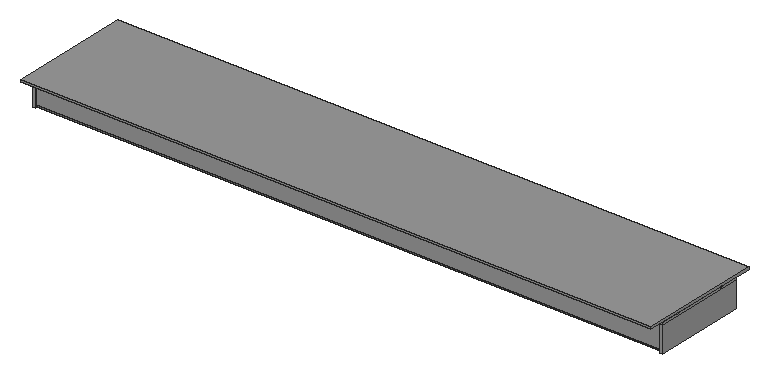
Revit family "Berica 2.2 M", category Lighting Fixtures, Revit 2020 (continued)
Definition of nested family "Light Source Berica 2.2"
  Types (4, lengths in mm): name | Photometric Web File | built-in parameter 1150142
      2.53 63.17 56.19 49.81 44.98 40.52 37.02 \r\n33.59 30.80 28.17 25.56 23.05 20.24 17.64 14.84 12.20 \r\n9.21 6.01 3.26 1.02 0.17 0.14 0.13 0.12 0.12 0.11 0.11 \r\n0.11 0.10 0.10 0.10 0.09 0.09 0.09 0.09 0.09 0.08 0.08 \r\n0.08 0.08 0.08 0.08 0.07 0.07 0.07 0.07 0.07 0.07 0.07 \r\n0.07 0.07 0.07 0.07 0.07 0.07 0.08 0.08 0.08 0.08 0.08 \r\n0.08 0.09 0.09 0.09 0.09 0.09 0.10 0.10 0.10 0.11 0.11 \r\n0.11 0.12 0.12 0.13 0.14 0.17 1.02 3.26 6.01 9.21 12.20 \r\n14.84 17.64 20.24 23.05 25.56 28.17 30.80 33.59 37.02 \r\n40.52 44.98 49.81 56.19 63.17 72.53 88.68 128.72 195.14 \r\n318.59 432.51 559.75 667.01 745.37 810.54 847.67 874.04 \r\n889.93 900.23 905.74 908.79 909.28 908.10 906.87 905.58 \r\n903.97 902.62 901.54 900.53 900.11 900.00 899.52 900.06 \r\n900.24 900.72 901.87 903.23 905.51 908.38 912.39 918.44 \r\n923.05 926.12 927.93 930.18 931.29 932.74 933.48 \r\n933.48 932.64 931.57 930.04 928.57 927.06 924.07 920.00 \r\n914.59 908.47 905.18 902.29 900.46 899.12 897.58 896.32 \r\n895.10 894.53 893.69 893.64 893.32 893.06 893.45 894.19 \r\n895.10 895.40 895.63 895.44 894.91 892.42 887.68 879.29 \r\n867.52 846.11 818.27 777.23 714.81 629.83 522.41 411.33 \r\n289.93 186.39 121.51 85.85 70.22 61.53 54.50 48.78 43.88 \r\n39.79 36.03 32.89 29.87 27.41 24.67 21.95 19.24 16.56 \r\n13.70 10.86 8.09 4.61 2.22 0.26 0.17 0.15 0.14 0.14 0.13 \r\n0.13 0.13 0.12 0.12 0.12 0.11 0.11 0.11 0.11 0.10 0.10 \r\n0.10 0.10 0.10 0.10 0.09 0.09 0.09 0.09 0.09 0.09 0.09 \r\n0.09 0.09 0.09 0.09 0.09 0.09 0.10 0.10 0.10 0.10 0.10 \r\n0.10 0.11 0.11 0.11 0.11 0.12 0.12 0.12 0.13 0.13 0.13 \r\n0.14 0.14 0.15 0.17 0.26 2.22 4.61 8.09 10.86 13.70 16.56 \r\n19.24 21.95 24.67 27.41 29.87 32.89 36.03 39.79 43.88 \r\n48.78 54.50 61.53 70.22 85.85 121.51 186.39 289.93 411.33 \r\n522.41 629.83 714.81 777.23 818.27 846.11 867.52 879.29 \r\n887.68 892.42 894.91 895.44 895.63 895.40 895.10 894.19 \r\n893.45 893.06 893.32 893.64 893.69 894.53 895.10 896.32 \r\n897.58 899.12 900.46 902.29 905.18 908.47 914.59 920.00 \r\n924.07 927.06 928.57 930.04 931.57 932.64 933.48 \r\n933.48 932.48 931.40 930.02 928.65 926.62 924.27 921.14 \r\n915.76 910.17 905.04 901.49 899.15 897.13 895.25 893.36 \r\n891.11 888.89 887.36 885.90 884.51 883.66 882.86 882.28 \r\n881.69 881.06 880.57 879.91 879.13 877.78 875.13 870.72 \r\n864.48 854.52 840.19 821.36 792.00 751.73 697.70 623.14 \r\n534.46 417.69 315.73 211.96 137.02 93.77 72.96 63.06 \r\n55.39 49.26 44.28 39.90 36.20 32.86 29.71 26.97 24.24 \r\n21.56 18.89 16.01 13.16 10.33 7.38 3.98 1.63 0.25 0.21 \r\n0.19 0.18 0.18 0.17 0.17 0.16 0.16 0.15 0.15 0.15 0.14 \r\n0.14 0.14 0.13 0.13 0.13 0.12 0.12 0.12 0.12 0.12 0.12 \r\n0.12 0.12 0.12 0.12 0.12 0.12 0.12 0.12 0.12 0.13 0.13 \r\n0.13 0.14 0.14 0.14 0.15 0.15 0.15 0.16 0.16 0.17 0.17 \r\n0.18 0.18 0.19 0.21 0.25 1.63 3.98 7.38 10.33 13.16 16.01 \r\n18.89 21.56 24.24 26.97 29.71 32.86 36.20 39.90 44.28 \r\n49.26 55.39 63.06 72.96 93.77 137.02 211.96 315.73 417.69 \r\n534.46 623.14 697.70 751.73 792.00 821.36 840.19 854.52 \r\n864.48 870.72 875.13 877.78 879.13 879.91 880.57 881.06 \r\n881.69 882.28 882.86 883.66 884.51 885.90 887.36 888.89 \r\n891.11 893.36 895.25 897.13 899.15 901.49 905.04 910.17 \r\n915.76 921.14 924.27 926.62 928.65 930.02 931.40 932.48 \r\n933.48 \r\n933.48 932.76 931.97 930.63 929.04 927.53 925.42 922.02 \r\n918.22 913.14 906.72 902.00 898.80 895.99 893.45 890.79 \r\n887.72 885.02 882.29 879.31 877.37 875.82 873.94 871.54 \r\n869.66 867.34 865.10 863.21 861.35 859.49 857.49 854.29 \r\n850.26 844.58 837.20 827.52 813.92 796.51 772.88 740.11 \r\n698.40 639.46 570.04 474.86 375.29 277.48 184.65 122.60 \r\n84.83 68.38 59.30 51.94 45.98 41.36 37.09 33.64 30.48 \r\n27.39 24.76 21.76 18.98 16.12 13.26 10.46 7.45 4.20 1.80 \r\n0.64 0.57 0.53 0.49 0.45 0.42 0.38 0.35 0.32 0.28 0.25 \r\n0.23 0.20 0.18 0.17 0.16 0.15 0.15 0.15 0.15 0.15 0.14 \r\n0.14 0.14 0.14 0.14 0.15 0.15 0.15 0.15 0.15 0.16 0.17 \r\n0.18 0.20 0.23 0.25 0.28 0.32 0.35 0.38 0.42 0.45 0.49 \r\n0.53 0.57 0.64 1.80 4.20 7.45 10.46 13.26 16.12 18.98 \r\n21.76 24.76 27.39 30.48 33.64 37.09 41.36 45.98 51.94 \r\n59.30 68.38 84.83 122.60 184.65 277.48 375.29 474.86 \r\n570.04 639.46 698.40 740.11 772.88 796.51 813.92 827.52 \r\n837.20 844.58 850.26 854.29 857.49 859.49 861.35 863.21 \r\n865.10 867.34 869.66 871.54 873.94 875.82 877.37 879.31 \r\n882.29 885.02 887.72 890.79 893.45 895.99 898.80 902.00 \r\n906.72 913.14 918.22 922.02 925.42 927.53 929.04 930.63 \r\n931.97 932.76 933.48 \r\n933.48 932.83 931.72 931.25 929.46 927.65 925.28 922.43 \r\n918.63 914.55 909.56 904.16 898.48 894.72 891.37 887.94 \r\n884.67 881.07 877.57 874.43 871.41 867.85 865.38 862.17 \r\n858.20 854.64 851.46 848.15 844.39 840.99 837.46 833.75 \r\n829.28 824.35 818.65 813.00 804.64 794.83 783.75 769.06 \r\n750.61 726.29 692.25 654.40 603.86 538.31 463.33 379.14 \r\n291.69 203.90 137.99 90.99 70.83 58.25 50.84 44.77 39.99 \r\n35.84 32.29 28.99 25.72 22.92 20.00 17.28 14.11 11.44 \r\n8.72 5.69 2.93 1.49 1.33 1.23 1.14 1.05 0.97 0.87 0.78 \r\n0.68 0.60 0.51 0.43 0.36 0.30 0.24 0.20 0.19 0.18 0.18 \r\n0.18 0.18 0.18 0.18 0.18 0.18 0.18 0.19 0.20 0.24 0.30 \r\n0.36 0.43 0.51 0.60 0.68 0.78 0.87 0.97 1.05 1.14 1.23 \r\n1.33 1.49 2.93 5.69 8.72 11.44 14.11 17.28 20.00 22.92 \r\n25.72 28.99 32.29 35.84 39.99 44.77 50.84 58.25 70.83 \r\n90.99 137.99 203.90 291.69 379.14 463.33 538.31 603.86 \r\n654.40 692.25 726.29 750.61 769.06 783.75 794.83 804.64 \r\n813.00 818.65 824.35 829.28 833.75 837.46 840.99 844.39 \r\n848.15 851.46 854.64 858.20 862.17 865.38 867.85 871.41 \r\n874.43 877.57 881.07 884.67 887.94 891.37 894.72 898.48 \r\n904.16 909.56 914.55 918.63 922.43 925.28 927.65 929.46 \r\n931.25 931.72 932.83 933.48 \r\n933.48 932.99 932.47 931.74 930.31 928.06 925.82 923.10 \r\n920.31 916.55 912.77 908.52 902.81 896.55 891.40 886.38 \r\n882.82 878.48 874.82 870.84 866.20 862.05 857.82 853.16 \r\n848.67 844.28 839.88 835.67 829.90 824.80 819.16 813.50 \r\n807.45 801.76 794.83 789.37 782.05 774.19 765.94 755.94 \r\n745.57 732.53 718.09 699.49 677.66 649.28 619.63 575.37 \r\n533.94 476.35 408.99 335.99 258.78 187.19 119.59 83.32 \r\n63.75 53.57 45.51 40.71 35.78 32.12 28.34 25.23 22.48 \r\n19.48 16.64 13.76 10.75 8.07 5.16 3.06 2.62 2.41 2.22 \r\n2.04 1.84 1.64 1.46 1.26 1.07 0.90 0.71 0.56 0.42 0.31 \r\n0.24 0.22 0.22 0.22 0.22 0.22 0.22 0.22 0.24 0.31 0.42 \r\n0.56 0.71 0.90 1.07 1.26 1.46 1.64 1.84 2.04 2.22 2.41 \r\n2.62 3.06 5.16 8.07 10.75 13.76 16.64 19.48 22.48 25.23 \r\n28.34 32.12 35.78 40.71 45.51 53.57 63.75 83.32 119.59 \r\n187.19 258.78 335.99 408.99 476.35 533.94 575.37 619.63 \r\n649.28 677.66 699.49 718.09 732.53 745.57 755.94 765.94 \r\n774.19 782.05 789.37 794.83 801.76 807.45 813.50 819.16 \r\n824.80 829.90 835.67 839.88 844.28 848.67 853.16 857.82 \r\n862.05 866.20 870.84 874.82 878.48 882.82 886.38 891.40 \r\n896.55 902.81 908.52 912.77 916.55 920.31 923.10 925.82 \r\n928.06 930.31 931.74 932.47 932.99 933.48 \r\n933.48 933.02 932.38 931.45 930.11 927.45 925.74 922.60 \r\n919.96 917.10 913.59 910.17 905.27 900.06 893.68 887.30 \r\n881.59 876.79 872.35 868.01 863.11 858.15 852.76 846.62 \r\n841.35 836.00 830.07 824.29 817.68 811.13 804.63 796.91 \r\n789.06 780.47 772.07 764.10 755.44 746.39 738.04 728.69 \r\n719.47 709.41 697.26 685.03 672.75 656.02 639.67 619.79 \r\n597.34 571.76 541.48 509.53 469.80 424.45 375.41 318.12 \r\n258.83 199.77 137.47 92.31 66.56 52.38 44.47 39.20 34.65 \r\n30.93 27.28 24.09 21.13 18.03 14.93 12.04 9.32 6.68 5.19 \r\n4.75 4.32 3.89 3.47 3.06 2.63 2.21 1.83 1.44 1.09 0.74 \r\n0.47 0.33 0.27 0.27 0.27 0.27 0.27 0.33 0.47 0.74 1.09 \r\n1.44 1.83 2.21 2.63 3.06 3.47 3.89 4.32 4.75 5.19 6.68 \r\n9.32 12.04 14.93 18.03 21.13 24.09 27.28 30.93 34.65 \r\n39.20 44.47 52.38 66.56 92.31 137.47 199.77 258.83 318.12 \r\n375.41 424.45 469.80 509.53 541.48 571.76 597.34 619.79 \r\n639.67 656.02 672.75 685.03 697.26 709.41 719.47 728.69 \r\n738.04 746.39 755.44 764.10 772.07 780.47 789.06 796.91 \r\n804.63 811.13 817.68 824.29 830.07 836.00 841.35 846.62 \r\n852.76 858.15 863.11 868.01 872.35 876.79 881.59 887.30 \r\n893.68 900.06 905.27 910.17 913.59 917.10 919.96 922.60 \r\n925.74 927.45 930.11 931.45 932.38 933.02 933.48 \r\n933.48 933.03 932.96 931.96 930.70 928.42 925.87 923.44 \r\n920.34 918.05 914.75 911.88 908.21 903.34 897.55 892.24 \r\n886.51 880.56 875.39 868.90 862.56 856.80 849.74 844.13 \r\n837.77 831.07 823.97 816.66 808.32 799.67 791.34 782.70 \r\n772.96 763.07 754.09 744.40 734.03 724.57 714.19 703.53 \r\n692.58 681.19 669.26 656.19 643.20 629.96 615.31 600.37 \r\n584.45 566.29 548.00 527.25 504.97 481.05 455.58 429.35 \r\n399.18 366.43 333.65 294.77 256.40 216.02 170.81 130.81 \r\n94.02 72.06 58.14 49.95 44.07 39.01 34.04 29.93 25.72 \r\n21.75 18.14 14.78 11.96 10.16 8.90 7.68 6.56 5.44 4.51 \r\n3.51 2.63 1.81 1.11 0.62 0.39 0.32 0.32 0.32 0.39 0.62 \r\n1.11 1.81 2.63 3.51 4.51 5.44 6.56 7.68 8.90 10.16 11.96 \r\n14.78 18.14 21.75 25.72 29.93 34.04 39.01 44.07 49.95 \r\n58.14 72.06 94.02 130.81 170.81 216.02 256.40 294.77 \r\n333.65 366.43 399.18 429.35 455.58 481.05 504.97 527.25 \r\n548.00 566.29 584.45 600.37 615.31 629.96 643.20 656.19 \r\n669.26 681.19 692.58 703.53 714.19 724.57 734.03 744.40 \r\n754.09 763.07 772.96 782.70 791.34 799.67 808.32 816.66 \r\n823.97 831.07 837.77 844.13 849.74 856.80 862.56 868.90 \r\n875.39 880.56 886.51 892.24 897.55 903.34 908.21 911.88 \r\n914.75 918.05 920.34 923.44 925.87 928.42 930.70 931.96 \r\n932.96 933.03 933.48 \r\n933.48 933.23 932.58 931.92 930.39 928.71 926.17 923.64 \r\n920.88 918.13 915.01 912.42 908.97 904.58 899.64 894.94 \r\n890.43 885.11 879.85 874.59 868.22 860.47 853.46 844.86 \r\n837.73 828.90 821.17 812.35 802.82 792.68 783.31 773.01 \r\n762.38 752.35 740.35 729.73 716.88 706.78 695.52 683.65 \r\n671.02 659.06 646.45 633.23 619.36 604.52 590.47 573.44 \r\n558.42 540.22 523.31 504.82 486.17 465.28 447.01 426.80 \r\n405.80 383.76 361.03 339.53 315.84 293.63 269.21 245.64 \r\n220.50 198.31 172.34 150.60 125.45 101.77 79.87 65.04 \r\n55.13 47.92 42.07 36.81 31.76 26.78 22.80 18.90 16.19 \r\n13.40 11.06 8.72 6.62 4.50 2.81 1.40 0.68 0.41 0.37 0.41 \r\n0.68 1.40 2.81 4.50 6.62 8.72 11.06 13.40 16.19 18.90 \r\n22.80 26.78 31.76 36.81 42.07 47.92 55.13 65.04 79.87 \r\n101.77 125.45 150.60 172.34 198.31 220.50 245.64 269.21 \r\n293.63 315.84 339.53 361.03 383.76 405.80 426.80 447.01 \r\n465.28 486.17 504.82 523.31 540.22 558.42 573.44 590.47 \r\n604.52 619.36 633.23 646.45 659.06 671.02 683.65 695.52 \r\n706.78 716.88 729.73 740.35 752.35 762.38 773.01 783.31 \r\n792.68 802.82 812.35 821.17 828.90 837.73 844.86 853.46 \r\n860.47 868.22 874.59 879.85 885.11 890.43 894.94 899.64 \r\n904.58 908.97 912.42 915.01 918.13 920.88 923.64 926.17 \r\n928.71 930.39 931.92 932.58 933.23 933.48 \r\n933.48 933.71 933.33 932.39 931.15 929.30 927.01 924.27 \r\n921.67 918.78 916.69 913.45 910.35 905.70 900.94 896.95 \r\n892.66 887.50 883.00 876.91 870.76 864.11 857.32 850.32 \r\n843.05 834.42 825.67 816.40 805.20 795.53 784.04 773.82 \r\n761.17 749.20 736.74 724.64 711.42 699.16 685.89 672.50 \r\n659.44 644.44 631.59 615.48 601.19 584.58 569.16 552.44 \r\n536.70 519.42 502.29 484.81 465.53 447.38 427.75 411.28 \r\n390.80 372.83 353.23 334.29 313.91 297.10 277.02 258.40 \r\n239.63 221.72 205.02 187.59 171.86 156.34 140.77 125.96 \r\n112.84 98.13 86.85 73.68 63.48 53.19 46.07 39.60 34.19 \r\n28.66 24.28 19.73 15.32 11.37 7.58 4.53 2.18 0.92 0.59 \r\n0.92 2.18 4.53 7.58 11.37 15.32 19.73 24.28 28.66 34.19 \r\n39.60 46.07 53.19 63.48 73.68 86.85 98.13 112.84 125.96 \r\n140.77 156.34 171.86 187.59 205.02 221.72 239.63 258.40 \r\n277.02 297.10 313.91 334.29 353.23 372.83 390.80 411.28 \r\n427.75 447.38 465.53 484.81 502.29 519.42 536.70 552.44 \r\n569.16 584.58 601.19 615.48 631.59 644.44 659.44 672.50 \r\n685.89 699.16 711.42 724.64 736.74 749.20 761.17 773.82 \r\n784.04 795.53 805.20 816.40 825.67 834.42 843.05 850.32 \r\n857.32 864.11 870.76 876.91 883.00 887.50 892.66 896.95 \r\n900.94 905.70 910.35 913.45 916.69 918.78 921.67 924.27 \r\n927.01 929.30 931.15 932.39 933.33 933.71 933.48 \r\n933.48 933.41 933.25 932.61 931.63 929.39 927.45 924.74 \r\n922.05 919.53 916.91 914.69 910.47 906.88 901.86 898.03 \r\n893.75 888.68 883.73 878.31 871.47 864.46 857.69 850.73 \r\n843.57 835.20 826.10 817.01 806.80 796.43 787.71 776.42 \r\n766.30 754.06 742.47 729.96 717.35 704.31 691.56 677.63 \r\n662.51 648.44 631.73 617.28 599.94 584.33 566.80 549.28 \r\n530.59 514.45 493.32 476.34 456.13 437.29 420.19 399.36 \r\n381.94 362.79 344.65 326.20 310.11 290.91 274.93 258.43 \r\n242.24 226.74 211.35 197.39 182.87 169.91 156.56 144.24 \r\n131.59 120.84 108.15 98.24 87.29 77.98 68.39 60.39 52.74 \r\n45.56 38.39 31.96 25.79 19.60 14.06 8.84 4.93 1.96 1.12 \r\n1.96 4.93 8.84 14.06 19.60 25.79 31.96 38.39 45.56 52.74 \r\n60.39 68.39 77.98 87.29 98.24 108.15 120.84 131.59 144.24 \r\n156.56 169.91 182.87 197.39 211.35 226.74 242.24 258.43 \r\n274.93 290.91 310.11 326.20 344.65 362.79 381.94 399.36 \r\n420.19 437.29 456.13 476.34 493.32 514.45 530.59 549.28 \r\n566.80 584.33 599.94 617.28 631.73 648.44 662.51 677.63 \r\n691.56 704.31 717.35 729.96 742.47 754.06 766.30 776.42 \r\n787.71 796.43 806.80 817.01 826.10 835.20 843.57 850.73 \r\n857.69 864.46 871.47 878.31 883.73 888.68 893.75 898.03 \r\n901.86 906.88 910.47 914.69 916.91 919.53 922.05 924.74 \r\n927.45 929.39 931.63 932.61 933.25 933.41 933.48 \r\n933.48 933.55 933.81 933.17 932.20 930.48 928.17 925.45 \r\n923.11 921.02 918.60 915.47 912.42 908.38 904.02 899.59 \r\n895.82 891.03 885.89 880.22 873.23 866.13 859.12 853.04 \r\n844.82 837.13 827.98 819.02 809.56 799.84 790.27 779.49 \r\n768.61 757.40 747.06 734.44 721.98 708.44 694.83 680.47 \r\n666.73 650.99 636.76 620.38 604.33 586.64 570.11 552.79 \r\n534.95 517.52 499.28 480.86 460.95 442.49 423.45 406.70 \r\n387.16 369.15 351.53 333.96 316.11 299.11 282.12 266.57 \r\n249.35 235.50 221.62 206.85 193.29 179.59 166.56 154.07 \r\n142.31 130.56 120.63 109.40 99.69 89.22 80.73 70.83 63.05 \r\n54.56 47.32 39.74 32.69 26.08 19.66 13.65 8.62 4.82 3.65 \r\n4.82 8.62 13.65 19.66 26.08 32.69 39.74 47.32 54.56 63.05 \r\n70.83 80.73 89.22 99.69 109.40 120.63 130.56 142.31 \r\n154.07 166.56 179.59 193.29 206.85 221.62 235.50 249.35 \r\n266.57 282.12 299.11 316.11 333.96 351.53 369.15 387.16 \r\n406.70 423.45 442.49 460.95 480.86 499.28 517.52 534.95 \r\n552.79 570.11 586.64 604.33 620.38 636.76 650.99 666.73 \r\n680.47 694.83 708.44 721.98 734.44 747.06 757.40 768.61 \r\n779.49 790.27 799.84 809.56 819.02 827.98 837.13 844.82 \r\n853.04 859.12 866.13 873.23 880.22 885.89 891.03 895.82 \r\n899.59 904.02 908.38 912.42 915.47 918.60 921.02 923.11 \r\n925.45 928.17 930.48 932.20 933.17 933.81 933.55 933.48 \r\n"
  Reference planes
    plane 1 "Light Source Axis (F/B)": y = 0
    plane 2: z = 0
    plane 3 "Light Source Axis (L/R)": x = 0
    plane 4 "Light Source Elevation": z = 0
  Dimensions and locks
    aligned and locked: plane 3 "Light Source Axis (L/R)" to imposter light
    aligned and locked: plane 1 "Light Source Axis (F/B)" to imposter light
    aligned and locked: plane 4 "Light Source Elevation" to imposter light
    aligned and locked: level to plane 2
    aligned and locked: plane 4 "Light Source Elevation" to level
Types (4, lengths in mm): name | Optics | Light source
  Berica 2.2 L 45°x96° | "45°x96°" | Light Source Berica 2.2 : L 45°x96°
  Berica 2.2 K 57°x90° | "57°x90°" | Light Source Berica 2.2 : K 57°x90°
  Berica 2.2 diffuse | "diffuse" | Light Source Berica 2.2 : diffuse
  Berica 2.2 asymmetrical | "asymmetrical" | Light Source Berica 2.2 : asymmetrical
